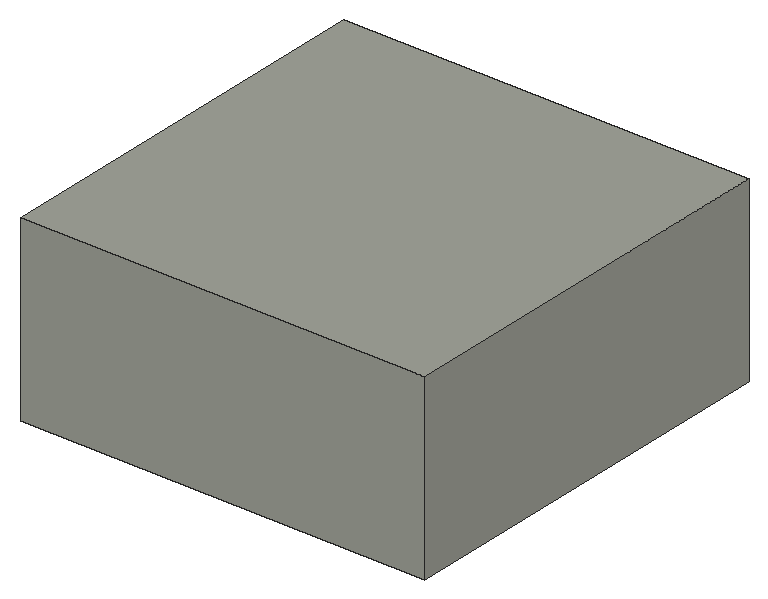
Revit family "Bloco_Retangular", category Structural Foundations, Revit 2025
Family settings
  Material for Model Behavior = Concrete
  Cap = No
  OmniClass Number = 23.25.05.11.11.27
  OmniClass Title = Pile Caps
  Work Plane-Based = No
  Always vertical = Yes
  Cut with Voids When Loaded = No
  Shared = No
  Show family pre-cut in plan views = Yes
Parameters (values of type "BlocoEstacaRet")
  Width = 2.000 m
  Structural Material [instance] = CT_Concreto
  Length = 2.000 m
  Foundation Thickness = 0.900 m
  Assembly Code = "A1010100"
Reference planes (m)
  plane 1 "Center (Front/Back)": y = 0
  plane 2: z = 0
  plane 3 "Center (Left/Right)": x = 0
  plane 4: x = -1
  plane 5: x = 1
  plane 6: y = 1
  plane 7: y = -1
Forms (m)
  Extrusion 1, solid, material "CT_Concreto" <- "Structural Material"
    sketch origin (0, 0, 0) x (1, 0, 0) y (0, 1, 0)
      loop
        line (-1, 1) -> (-1, -1) -> (1, -1) -> (1, 1) -> (-1, 1)
    from -0.9 to 0
Dimensions and locks (m)
  "Foundation Thickness": plane 2 to Extrusion 1
  "Width": plane 4 to plane 5
  "Length": plane 6 to plane 7
  equal spacing: plane 6, plane 1 "Center (Front/Back)", plane 7
  equal spacing: plane 4, plane 3 "Center (Left/Right)", plane 5
  aligned and locked: plane 4 to Extrusion 1 sketch curve
  aligned and locked: Extrusion 1 sketch curve to plane 5
  aligned and locked: Extrusion 1 sketch curve to plane 6
  aligned and locked: plane 7 to Extrusion 1 sketch curve
  aligned and locked: level to Extrusion 1
